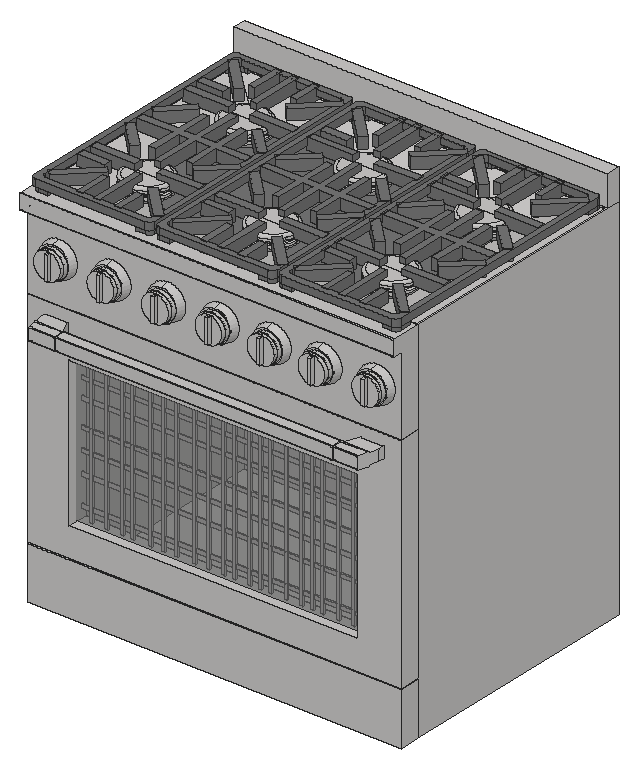
Revit family "HGPR36_Revit", category Specialty Equipment, Revit 2014
Parameters (values of type "HGPR36")
  Width = 35 7/8"
  WOK RING = "1"
  VOLTS (V) = "120 VAC"
  Unit = Stainless Steel
  TYPE OF GRATE = "CONTINUOUS CAST IRON"
  TOTAL NUMBER OF COOKTOP BURNERS = "6 DUAL STACK BRASS BURNERS"
  TEMPERATURE (F/C) = "YES"
  Support = Glass
  STANDARD RACK = "1"
  STAINLESS STEEL BACKGUARD 9” = "APB30G9"
  STAINLESS STEEL BACKGUARD 1 1/2” = "APB30GLP"
  SEALED BURNERS = "YES"
  RIGHT REAR (BTU) = "15,000 STACK DUAL (SIMMER)"
  RIGHT FRONT (BTU) = "18,000 STACK DUAL (SIMMER/SEAR)"
  REMOVABLE NON-STICK SEARING GRILL = "AEGR36"
  REMOVABLE NON-STICK GRIDDLE = "1"
  REMOVABLE CONVECTION FILTER = "1"
  PLUG TYPE = "GROUNDED, DEDICATED,3-PRONG ELECTRICAL OUTLET"
  PERMA-FLAME™ (AUTO RE-IGNITION) = "YES"
  OVEN RACK POSITIONS = "6"
  OVEN CONTROL METHOD = "KNOBS"
  OVEN CAPACITY (CUBIC FEET) = "5.2"
  NUMBER OF KNOBS = "7 KNOBS"
  Model = "HGPR36"
  Manufacturer = "Dacor"
  LIMITED, PARTS AND LABOR = "1 YEAR"
  LIGHTING = "LED & HALOGEN"
  LEFT REAR (BTU) = "15,000 STACK DUAL (SIMMER)"
  LEFT FRONT (BTU) = "18,000 DUAL (SIMMER/SEAR)"
  LED (WHITE) = "YES"
  KEEP WARM = "YES"
  INFRARED CERAMIC BROIL GAS BURNER = "18,000 BTU"
  ILLUMINA™ BURNER KNOBS = "YES"
  Height = 37 1/2"
  Handle = Stainless Steel
  HIGHLIGHTING COLOR = "WHITE"
  HIDDEN STAINLESS STEEL BAKE BURNER = "24,000 BTU"
  Glide = Plastic-Black
  Gas Burner = Stainless Steel
  GLIDERACK™ = "2"
  GAS TYPES = "NATURAL GAS NATURAL GAS (HIGH ALTITUDE) LIQUID PROPANE LIQUID PROPANE (HIGH ALTITUDE)"
  FREQUENCY (HZ) = "60 HZ"
  ENERGY SOURCE = "GAS AND ELECTRICAL"
  Door = Stainless Steel
  Description = "36-INCH PRO ALL -GAS RANGE HERIT AGE COLLECTION"
  Depth = 24"
  COOKING MODES = "CONVECTION BAKE; BAKE; CONVECTION BROIL; BROIL"
  COOKIE SHEETS (SET OF 3) = "ACSRO303"
  CLEANING TYPE = "SELF CLEAN"
  CIRCUIT BREAKER (A) = "15 AMPS"
  CENTER REAR (BTU) = "15,000 STACK DUAL (SIMMER)"
  CENTER FRONT (BTU) = "15,000 STACK DUAL (SIMMER)"
  CAVITY = "BLACK ENAMEL COATING"
  Burner = Plastic-Black
  BROIL/ROASTING PAN W/GRILL & V RACK = "AORPVR"
  BRASS/BLACK PORCELAIN BURNER CAPS = "6/EA"
  BAKING STONE = "ABS16"
  Adjustment = Stainless Steel
Reference planes (in)
  plane 1 "Center (Front/Back)": y = 0
  plane 2: z = 0
  plane 3 "Center (Left/Right)": x = 0
  plane 4: y = 12
  plane 5: y = -12
  plane 6: x = -17.9375
  plane 7: x = 17.9375
  plane 8: z = 37.5
  plane 9: y = -14
  plane 10: z = 2
  plane 11: y = -14.875
  plane 12: y = -16.5
  plane 13: z = 38.5625
  plane 14: z = 36
  plane 15: z = 40.5
  plane 16: y = 10.75
Forms (in)
  Extrusion 1, solid, material "Stainless Steel" <- "Unit"
    sketch origin (0, 0, 0) x (1, 0, 0) y (0, 0, 1)
      loop
        line (-17.9375, 37.5) -> (-17.9375, 2) -> (17.9375, 2) -> (17.9375, 37.5) -> (17.60652, 37.5) -> (17.60652, 2.38848) -> (-17.50287, 2.38848) -> (-17.50287, 37.5) -> (-17.9375, 37.5)
    from -12 to 12
  Extrusion 2, solid, material "Stainless Steel" <- "Door"
    sketch origin (0, 0, 0) x (0, 1, 0) y (0, 0, 1)
      loop
        line (-12, 37.5) -> (-14.84447, 37.5)
        arc (-14.84447, 37.5) -> (-14.86606, 37.49106) -> (-14.875, 37.46947) r 0.03053
        line (-14.875, 37.46947) -> (-14.875, 36.03125)
        arc (-14.875, 36.03125) -> (-14.86585, 36.00915) -> (-14.84375, 36) r 0.03125
        line (-14.84375, 36) -> (-14.03125, 36)
        arc (-14.03125, 36) -> (-14.00915, 35.99085) -> (-14, 35.96875) r 0.03125
        line (-14, 35.96875) -> (-14, 28.5) -> (-12, 28.5) -> (-12, 37.5)
      loop
        line (-14, 1.96852) -> (-12, 1.96852) -> (-12, 6.96852) -> (-14, 6.96852) -> (-14, 1.96852)
    from -17.9375 to 17.9375
  Extrusion 3, solid, material "Glass" <- "Support"
    sketch origin (0, -14, 0) x (1, 0, 0) y (0, 0, 1)
      loop
        line (-13.98004, 24.12749) -> (-13.98004, 9.87749) -> (13.76996, 9.87749) -> (13.76996, 24.12749) -> (-13.98004, 24.12749)
    from -2 to -0.8824
  Revolve 4, solid, material "Plastic-Black" <- "Glide"
    sketch origin (12.625, 0, 0) x (0, 1, 0) y (0, 0, 1)
      loop
        line (-10.25, 2) -> (-10.25, 0.75) -> (-10.14613, 0.64613) -> (-10.14613, 0.08461) -> (-10.09729, 0) -> (-9.53479, 0) -> (-9.53479, 2) -> (-10.25, 2)
      axis (-9.53479, 0) -> (-9.53479, 2)
    angle from 0 to 360
  Revolve 5, solid, material "Plastic-Black" <- "Glide"
    sketch origin (-12.625, 0, 0) x (0, 1, 0) y (0, 0, -1)
      loop
        line (-10.25, -2) -> (-9.53479, -2) -> (-9.53479, 0) -> (-10.09729, 0) -> (-10.14613, -0.08461) -> (-10.14613, -0.64613) -> (-10.25, -0.75) -> (-10.25, -2)
      axis (-9.53479, 0) -> (-9.53479, -2)
    angle from 0 to 360
  Revolve 6, solid, material "Plastic-Black" <- "Glide"
    sketch origin (12.625, 0, 0) x (0, -1, 0) y (0, 0, -1)
      loop
        line (-10.25, -2) -> (-9.53479, -2) -> (-9.53479, 0) -> (-10.09729, 0) -> (-10.14613, -0.08461) -> (-10.14613, -0.64613) -> (-10.25, -0.75) -> (-10.25, -2)
      axis (-9.53479, 0) -> (-9.53479, -2)
    angle from 0 to 360
  Revolve 7, solid, material "Plastic-Black" <- "Glide"
    sketch origin (-12.625, 0, 0) x (0, -1, 0) y (0, 0, 1)
      loop
        line (-10.25, 2) -> (-10.25, 0.75) -> (-10.14613, 0.64613) -> (-10.14613, 0.08461) -> (-10.09729, 0) -> (-9.53479, 0) -> (-9.53479, 2) -> (-10.25, 2)
      axis (-9.53479, 0) -> (-9.53479, 2)
    angle from 0 to 360
  Extrusion 8, solid, material "Stainless Steel" <- "Handle"
    sketch origin (2.625, 0, 0) x (0, 1, 0) y (0, 0, 1)
      loop
        line (-15.545, 27.42187) -> (-16.42433, 27.42187)
        arc (-16.42433, 27.42187) -> (-16.47784, 27.39971) -> (-16.5, 27.34621) r 0.07567
        line (-16.5, 27.34621) -> (-16.5, 26.24876)
        arc (-16.5, 26.24876) -> (-16.47748, 26.1944) -> (-16.42311, 26.17187) r 0.07689
        line (-16.42311, 26.17187) -> (-15.53587, 26.17187)
        arc (-15.53587, 26.17187) -> (-15.50273, 26.17847) -> (-15.47463, 26.19724) r 0.08661
        line (-15.47463, 26.19724) -> (-15.42082, 26.25105)
        arc (-15.42082, 26.25105) -> (-15.40268, 26.26318) -> (-15.38128, 26.26743) r 0.05592
        line (-15.38128, 26.26743) -> (-14, 26.26743) -> (-14, 27.32305) -> (-15.37547, 27.32305)
        arc (-15.37547, 27.32305) -> (-15.39922, 27.32777) -> (-15.41935, 27.34123) r 0.06205
        line (-15.41935, 27.34123) -> (-15.46818, 27.39006)
        arc (-15.46818, 27.39006) -> (-15.50343, 27.41361) -> (-15.545, 27.42187) r 0.10864
    from 10.69711 to 13.56403
  Extrusion 9, void
    sketch origin (0, 0, 0) x (1, 0, 0) y (0, 1, 0)
      loop
        line (15.70099, -16.78043) -> (16.53053, -16.78043) -> (16.53053, -14.125) -> (16.31403, -14) -> (15.70099, -16.78043)
      loop
        line (13.24681, -15.86964) -> (14.05875, -13.95682) -> (13.24681, -13.95682) -> (13.24681, -15.86964)
    from 24.73393 to 28.5
  Extrusion 10, solid, material "Stainless Steel" <- "Handle"
    sketch origin (-2.65625, 0, 0) x (0, 1, 0) y (0, 0, -1)
      loop
        arc (-15.545, -27.42187) -> (-15.50343, -27.41361) -> (-15.46818, -27.39006) r 0.10864
        line (-15.46818, -27.39006) -> (-15.41935, -27.34123)
        arc (-15.41935, -27.34123) -> (-15.39922, -27.32777) -> (-15.37547, -27.32305) r 0.06205
        line (-15.37547, -27.32305) -> (-14, -27.32305) -> (-14, -26.26743) -> (-15.38128, -26.26743)
        arc (-15.38128, -26.26743) -> (-15.40268, -26.26318) -> (-15.42082, -26.25105) r 0.05592
        line (-15.42082, -26.25105) -> (-15.47463, -26.19724)
        arc (-15.47463, -26.19724) -> (-15.50273, -26.17847) -> (-15.53587, -26.17187) r 0.08661
        line (-15.53587, -26.17187) -> (-16.42311, -26.17187)
        arc (-16.42311, -26.17187) -> (-16.47748, -26.1944) -> (-16.5, -26.24876) r 0.07689
        line (-16.5, -26.24876) -> (-16.5, -27.34621)
        arc (-16.5, -27.34621) -> (-16.47784, -27.39971) -> (-16.42433, -27.42187) r 0.07567
        line (-16.42433, -27.42187) -> (-15.545, -27.42187)
    from 10.69711 to 13.56403
  Extrusion 11, void
    sketch origin (0, 0, 0) x (-1, 0, 0) y (0, -1, 0)
      loop
        line (15.70099, 16.78043) -> (16.31403, 14) -> (16.53053, 14.125) -> (16.53053, 16.78043) -> (15.70099, 16.78043)
      loop
        line (13.24681, 15.86964) -> (13.24681, 13.95682) -> (14.05875, 13.95682) -> (13.24681, 15.86964)
    from 24.73393 to 28.5
  Extrusion 12, solid, material "Stainless Steel" <- "Door"
    sketch origin (0, 0, 0) x (1, 0, 0) y (0, 0, 1)
      loop
        line (-17.9375, 28.42187) -> (-17.9375, 7.10914) -> (17.9375, 7.10914) -> (17.9375, 28.42187) -> (-17.9375, 28.42187)
      loop
        line (-13.98004, 24.12749) -> (-13.98004, 9.87749) -> (13.76996, 9.87749) -> (13.76996, 24.12749) -> (-13.98004, 24.12749)
    from 14 to 12
  Extrusion 13, solid, material "Stainless Steel" <- "Handle"
    sketch origin (0, 0, 0) x (0, 1, 0) y (0, 0, 1)
      loop
        line (-15.53529, 27.42185) -> (-16.4254, 27.42185)
        arc (-16.4254, 27.42185) -> (-16.47815, 27.4) -> (-16.5, 27.34725) r 0.0746
        line (-16.5, 27.34725) -> (-16.5, 26.24352)
        arc (-16.5, 26.24352) -> (-16.47902, 26.19288) -> (-16.42838, 26.1719) r 0.07162
        line (-16.42838, 26.1719) -> (-15.53032, 26.1719)
        arc (-15.53032, 26.1719) -> (-15.5023, 26.17747) -> (-15.47855, 26.19334) r 0.07322
        line (-15.47855, 26.19334) -> (-15.42044, 26.25144)
        arc (-15.42044, 26.25144) -> (-15.39975, 26.26442) -> (-15.37547, 26.26711) r 0.05475
        line (-15.37547, 26.26711) -> (-15.1067, 26.44563)
        arc (-15.1067, 26.44563) -> (-14.91091, 26.83314) -> (-15.14353, 27.19973) r 0.43946
        line (-15.14353, 27.19973) -> (-15.37548, 27.32305)
        arc (-15.37548, 27.32305) -> (-15.39899, 27.32755) -> (-15.41892, 27.3408) r 0.06061
        line (-15.41892, 27.3408) -> (-15.47504, 27.3969)
        arc (-15.47504, 27.3969) -> (-15.50268, 27.41536) -> (-15.53529, 27.42185) r 0.08522
    from -13.35336 to 13.32211
  Revolve 14, solid, material "Stainless Steel" <- "Adjustment"
    sketch origin (5.625, 0, -0.625) x (0, 1, 0) y (0, 0, 1)
      loop
        line (-14, 34.82596) -> (-14.75, 34.625) -> (-14.75, 34.48763) -> (-15.13851, 34.48763) -> (-15.13851, 34.42038) -> (-15.47236, 34.42038) -> (-15.47236, 33.12798) -> (-14, 33.12798) -> (-14, 34.82596)
      axis (-15.47236, 33.12798) -> (-14, 33.12798)
    angle from 0 to 360
  Extrusion 15, solid, material "Stainless Steel" <- "Adjustment"
    sketch origin (-9.375, 0, -0.625) x (1, 0, 0) y (0, 0, 1)
      loop
        line (14.85979, 34.29008) -> (14.85979, 31.98689) -> (15.16074, 31.98689) -> (15.16074, 34.29008) -> (14.85979, 34.29008)
    from 15.76036 to 15.47236
  Extrusion 16, solid, material "Stainless Steel" <- "Unit"
    sketch origin (0, 12, 0) x (-1, 0, 0) y (0, 0, 1)
      loop
        line (17.50287, 2.38848) -> (17.50287, 37.5) -> (-17.60652, 37.5) -> (-17.60652, 2.38848) -> (17.50287, 2.38848)
    from 0 to -0.60405
  Blend 17, solid, material "Stainless Steel" <- "Unit"
    base sketch origin (-17.9375, 0, 37.5) x (1, 0, 0) y (0, 1, 0)
      loop
        line (0.43463, -12) -> (35.68463, -12) -> (35.68463, 10.52095) -> (0.43463, 10.52095) -> (0.43463, -12)
    top sketch origin (-17.9375, 0, 37.5) x (1, 0, 0) y (0, 1, 0)
      loop
        line (3.48523, 7.80878) -> (3.48523, -9.19122) -> (30.98523, -9.19122) -> (30.98523, 7.80878) -> (3.48523, 7.80878)
    from 0 to -1.15037
  Blend 18, void
    base sketch origin (-14.9375, 0, 0) x (1, 0, 0) y (0, 1, 0)
      loop
        line (-2.45598, -12) -> (31.79402, -12) -> (31.79402, 10.52095) -> (-2.45598, 10.52095) -> (-2.45598, -12)
    top sketch origin (-14.9375, 0, 0) x (1, 0, 0) y (0, 1, 0)
      loop
        line (1.59462, 7.06965) -> (1.59462, -8.45209) -> (27.84462, -8.45209) -> (27.84462, 7.06965) -> (1.59462, 7.06965)
    from 37.5 to 36.34963
  Extrusion 19, solid, material "Plastic-Black" <- "Burner"
    sketch origin (-17.9375, 0, 36.34963) x (0, 1, 0) y (1, 0, 0)
      loop
        line (7.06965, 30.98523) -> (-8.45209, 30.98523) -> (-8.45209, 4.48523) -> (7.06965, 4.48523) -> (7.06965, 30.98523)
    from 0 to 0.58019
  Revolve 20, solid, material "Stainless Steel" <- "Gas Burner"
    sketch origin (-2.5, -7.375, 0) x (1, 0, 0) y (0, 0, 1)
      loop
        line (-9.25, 35.76944) -> (-9.25, 38.03125) -> (-11.25, 38.03125)
        arc (-11.25, 38.03125) -> (-11.42678, 37.95803) -> (-11.5, 37.78125) r 0.25
        line (-11.5, 37.78125) -> (-11.5, 37.53125) -> (-11.37023, 37.40148)
        arc (-11.37023, 37.40148) -> (-11.35076, 37.35447) -> (-11.37023, 37.30747) r 0.06647
        line (-11.37023, 37.30747) -> (-11.5, 37.1777) -> (-11.5, 36.94183)
        arc (-11.5, 36.94183) -> (-11.44834, 36.78964) -> (-11.3147, 36.70035) r 0.25
        line (-11.3147, 36.70035) -> (-10.77556, 36.55589) -> (-10.3215, 35.76944) -> (-9.25, 35.76944)
      axis (-9.25, 35.76944) -> (-9.25, 38.03125)
    angle from 0 to 360
  Extrusion 21, solid, material "Plastic-Black" <- "Burner"
    sketch origin (0, 0, 0) x (1, 0, 0) y (0, 1, 0)
      loop
        arc (-5.26848, 10.52095) -> (-5.62203, 10.3745) -> (-5.76848, 10.02095) r 0.5
        line (-5.76848, 10.02095) -> (-5.76848, -13.5)
        arc (-5.76848, -13.5) -> (-5.62203, -13.85355) -> (-5.26848, -14) r 0.5
        line (-5.26848, -14) -> (5.125, -14)
        arc (5.125, -14) -> (5.47855, -13.85355) -> (5.625, -13.5) r 0.5
        line (5.625, -13.5) -> (5.625, 10.02095)
        arc (5.625, 10.02095) -> (5.47855, 10.3745) -> (5.125, 10.52095) r 0.5
        line (5.125, 10.52095) -> (-5.26848, 10.52095)
      loop
        arc (-4.74884, 9.96594) -> (-5.10239, 9.81949) -> (-5.24884, 9.46594) r 0.5
        line (-5.24884, 9.46594) -> (-5.24884, -12.90906)
        arc (-5.24884, -12.90906) -> (-5.10239, -13.26262) -> (-4.74884, -13.40906) r 0.5
        line (-4.74884, -13.40906) -> (4.62616, -13.40906)
        arc (4.62616, -13.40906) -> (4.97972, -13.26262) -> (5.12616, -12.90906) r 0.5
        line (5.12616, -12.90906) -> (5.12616, 9.46594)
        arc (5.12616, 9.46594) -> (4.97972, 9.81949) -> (4.62616, 9.96594) r 0.5
        line (4.62616, 9.96594) -> (-4.74884, 9.96594)
      loop
        line (17.01848, 10.52095) -> (6.5, 10.52095)
        arc (6.5, 10.52095) -> (6.14645, 10.3745) -> (6, 10.02095) r 0.5
        line (6, 10.02095) -> (6, -13.5)
        arc (6, -13.5) -> (6.14645, -13.85355) -> (6.5, -14) r 0.5
        line (6.5, -14) -> (17.01848, -14)
        arc (17.01848, -14) -> (17.37203, -13.85355) -> (17.51848, -13.5) r 0.5
        line (17.51848, -13.5) -> (17.51848, 10.02095)
        arc (17.51848, 10.02095) -> (17.37203, 10.3745) -> (17.01848, 10.52095) r 0.5
      loop
        line (16.49884, 9.96594) -> (6.99884, 9.96594)
        arc (6.99884, 9.96594) -> (6.64528, 9.81949) -> (6.49884, 9.46594) r 0.5
        line (6.49884, 9.46594) -> (6.49884, -12.90906)
        arc (6.49884, -12.90906) -> (6.64528, -13.26262) -> (6.99884, -13.40906) r 0.5
        line (6.99884, -13.40906) -> (16.49884, -13.40906)
        arc (16.49884, -13.40906) -> (16.85239, -13.26262) -> (16.99884, -12.90906) r 0.5
        line (16.99884, -12.90906) -> (16.99884, 9.46594)
        arc (16.99884, 9.46594) -> (16.85239, 9.81949) -> (16.49884, 9.96594) r 0.5
      loop
        arc (-17.16196, 10.52095) -> (-17.51551, 10.3745) -> (-17.66196, 10.02095) r 0.5
        line (-17.66196, 10.02095) -> (-17.66196, -13.5)
        arc (-17.66196, -13.5) -> (-17.51551, -13.85355) -> (-17.16196, -14) r 0.5
        line (-17.16196, -14) -> (-6.64348, -14)
        arc (-6.64348, -14) -> (-6.28993, -13.85355) -> (-6.14348, -13.5) r 0.5
        line (-6.14348, -13.5) -> (-6.14348, 10.02095)
        arc (-6.14348, 10.02095) -> (-6.28993, 10.3745) -> (-6.64348, 10.52095) r 0.5
        line (-6.64348, 10.52095) -> (-17.16196, 10.52095)
      loop
        arc (-16.64232, 9.96594) -> (-16.99587, 9.81949) -> (-17.14232, 9.46594) r 0.5
        line (-17.14232, 9.46594) -> (-17.14232, -12.90906)
        arc (-17.14232, -12.90906) -> (-16.99587, -13.26262) -> (-16.64232, -13.40906) r 0.5
        line (-16.64232, -13.40906) -> (-7.14232, -13.40906)
        arc (-7.14232, -13.40906) -> (-6.78876, -13.26262) -> (-6.64232, -12.90906) r 0.5
        line (-6.64232, -12.90906) -> (-6.64232, 9.46594)
        arc (-6.64232, 9.46594) -> (-6.78876, 9.81949) -> (-7.14232, 9.96594) r 0.5
        line (-7.14232, 9.96594) -> (-16.64232, 9.96594)
    from 38.5625 to 37.89555
  Revolve 22, solid, material "Stainless Steel" <- "Gas Burner"
    sketch origin (-2.125, 3.875, 0) x (1, 0, 0) y (0, 0, -1)
      loop
        line (-9.25, -35.76944) -> (-10.3215, -35.76944) -> (-10.77556, -36.55589) -> (-11.3147, -36.70035)
        arc (-11.3147, -36.70035) -> (-11.44834, -36.78964) -> (-11.5, -36.94183) r 0.25
        line (-11.5, -36.94183) -> (-11.5, -37.1777) -> (-11.37023, -37.30747)
        arc (-11.37023, -37.30747) -> (-11.35076, -37.35447) -> (-11.37023, -37.40148) r 0.06647
        line (-11.37023, -37.40148) -> (-11.5, -37.53125) -> (-11.5, -37.78125)
        arc (-11.5, -37.78125) -> (-11.42678, -37.95803) -> (-11.25, -38.03125) r 0.25
        line (-11.25, -38.03125) -> (-9.25, -38.03125) -> (-9.25, -35.76944)
      axis (-9.25, -35.76944) -> (-9.25, -38.03125)
    angle from 0 to 360
  Revolve 23, solid, material "Stainless Steel" <- "Gas Burner"
    sketch origin (2.375, -7.25, 0) x (-1, 0, 0) y (0, 0, -1)
      loop
        line (-9.25, -35.76944) -> (-10.3215, -35.76944) -> (-10.77556, -36.55589) -> (-11.3147, -36.70035)
        arc (-11.3147, -36.70035) -> (-11.44834, -36.78964) -> (-11.5, -36.94183) r 0.25
        line (-11.5, -36.94183) -> (-11.5, -37.1777) -> (-11.37023, -37.30747)
        arc (-11.37023, -37.30747) -> (-11.35076, -37.35447) -> (-11.37023, -37.40148) r 0.06647
        line (-11.37023, -37.40148) -> (-11.5, -37.53125) -> (-11.5, -37.78125)
        arc (-11.5, -37.78125) -> (-11.42678, -37.95803) -> (-11.25, -38.03125) r 0.25
        line (-11.25, -38.03125) -> (-9.25, -38.03125) -> (-9.25, -35.76944)
      axis (-9.25, -35.76944) -> (-9.25, -38.03125)
    angle from 0 to 360
  Revolve 24, solid, material "Stainless Steel" <- "Gas Burner"
    sketch origin (2.25, 3.875, 0) x (-1, 0, 0) y (0, 0, 1)
      loop
        line (-9.25, 35.76944) -> (-9.25, 38.03125) -> (-11.25, 38.03125)
        arc (-11.25, 38.03125) -> (-11.42678, 37.95803) -> (-11.5, 37.78125) r 0.25
        line (-11.5, 37.78125) -> (-11.5, 37.53125) -> (-11.37023, 37.40148)
        arc (-11.37023, 37.40148) -> (-11.35076, 37.35447) -> (-11.37023, 37.30747) r 0.06647
        line (-11.37023, 37.30747) -> (-11.5, 37.1777) -> (-11.5, 36.94183)
        arc (-11.5, 36.94183) -> (-11.44834, 36.78964) -> (-11.3147, 36.70035) r 0.25
        line (-11.3147, 36.70035) -> (-10.77556, 36.55589) -> (-10.3215, 35.76944) -> (-9.25, 35.76944)
      axis (-9.25, 35.76944) -> (-9.25, 38.03125)
    angle from 0 to 360
  Extrusion 25, solid, material "Plastic-Black" <- "Burner"
    sketch origin (0, 0, 0) x (1, 0, 0) y (0, 1, 0)
      loop
        arc (-16.89348, 10.52095) -> (-17.24703, 10.3745) -> (-17.39348, 10.02095) r 0.5
        line (-17.39348, 10.02095) -> (-17.39348, 9.05292) -> (-16.87384, 9.05292) -> (-16.87384, 9.46594)
        arc (-16.87384, 9.46594) -> (-16.72739, 9.81949) -> (-16.37384, 9.96594) r 0.5
        line (-16.37384, 9.96594) -> (-15.98692, 9.96594) -> (-15.98692, 10.52095) -> (-16.89348, 10.52095)
      loop
        line (-16.89348, -13.95845) -> (-15.98692, -13.95845) -> (-15.98692, -13.40344) -> (-16.37384, -13.40344)
        arc (-16.37384, -13.40344) -> (-16.72739, -13.25699) -> (-16.87384, -12.90344) r 0.5
        line (-16.87384, -12.90344) -> (-16.87384, -12.49042) -> (-17.39348, -12.49042) -> (-17.39348, -13.45845)
        arc (-17.39348, -13.45845) -> (-17.24703, -13.812) -> (-16.89348, -13.95845) r 0.5
      loop
        line (-6.64348, 10.52095) -> (-7.55004, 10.52095) -> (-7.55004, 9.96594) -> (-7.16313, 9.96594)
        arc (-7.16313, 9.96594) -> (-6.80957, 9.81949) -> (-6.66313, 9.46594) r 0.5
        line (-6.66313, 9.46594) -> (-6.66313, 9.05292) -> (-6.14348, 9.05292) -> (-6.14348, 10.02095)
        arc (-6.14348, 10.02095) -> (-6.28993, 10.3745) -> (-6.64348, 10.52095) r 0.5
      loop
        arc (-6.64348, -13.95845) -> (-6.28993, -13.812) -> (-6.14348, -13.45845) r 0.5
        line (-6.14348, -13.45845) -> (-6.14348, -12.49042) -> (-6.66313, -12.49042) -> (-6.66313, -12.90344)
        arc (-6.66313, -12.90344) -> (-6.80957, -13.25699) -> (-7.16313, -13.40344) r 0.5
        line (-7.16313, -13.40344) -> (-7.55004, -13.40344) -> (-7.55004, -13.95845) -> (-6.64348, -13.95845)
      loop
        arc (-5.26848, 10.52095) -> (-5.62203, 10.3745) -> (-5.76848, 10.02095) r 0.5
        line (-5.76848, 10.02095) -> (-5.76848, 9.05292) -> (-5.24884, 9.05292) -> (-5.24884, 9.46594)
        arc (-5.24884, 9.46594) -> (-5.10239, 9.81949) -> (-4.74884, 9.96594) r 0.5
        line (-4.74884, 9.96594) -> (-4.36192, 9.96594) -> (-4.36192, 10.52095) -> (-5.26848, 10.52095)
      loop
        line (-5.26848, -13.95845) -> (-4.36192, -13.95845) -> (-4.36192, -13.40344) -> (-4.74884, -13.40344)
        arc (-4.74884, -13.40344) -> (-5.10239, -13.25699) -> (-5.24884, -12.90344) r 0.5
        line (-5.24884, -12.90344) -> (-5.24884, -12.49042) -> (-5.76848, -12.49042) -> (-5.76848, -13.45845)
        arc (-5.76848, -13.45845) -> (-5.62203, -13.812) -> (-5.26848, -13.95845) r 0.5
      loop
        line (5.10652, 10.52095) -> (4.19996, 10.52095) -> (4.19996, 9.96594) -> (4.58687, 9.96594)
        arc (4.58687, 9.96594) -> (4.94043, 9.81949) -> (5.08687, 9.46594) r 0.5
        line (5.08687, 9.46594) -> (5.08687, 9.05292) -> (5.60652, 9.05292) -> (5.60652, 10.02095)
        arc (5.60652, 10.02095) -> (5.46007, 10.3745) -> (5.10652, 10.52095) r 0.5
      loop
        arc (5.10652, -13.95845) -> (5.46007, -13.812) -> (5.60652, -13.45845) r 0.5
        line (5.60652, -13.45845) -> (5.60652, -12.49042) -> (5.08687, -12.49042) -> (5.08687, -12.90344)
        arc (5.08687, -12.90344) -> (4.94043, -13.25699) -> (4.58687, -13.40344) r 0.5
        line (4.58687, -13.40344) -> (4.19996, -13.40344) -> (4.19996, -13.95845) -> (5.10652, -13.95845)
      loop
        arc (6.5, 10.52095) -> (6.14645, 10.3745) -> (6, 10.02095) r 0.5
        line (6, 10.02095) -> (6, 9.05292) -> (6.51964, 9.05292) -> (6.51964, 9.46594)
        arc (6.51964, 9.46594) -> (6.66609, 9.81949) -> (7.01964, 9.96594) r 0.5
        line (7.01964, 9.96594) -> (7.40656, 9.96594) -> (7.40656, 10.52095) -> (6.5, 10.52095)
      loop
        line (6.5, -13.95845) -> (7.40656, -13.95845) -> (7.40656, -13.40344) -> (7.01964, -13.40344)
        arc (7.01964, -13.40344) -> (6.66609, -13.25699) -> (6.51964, -12.90344) r 0.5
        line (6.51964, -12.90344) -> (6.51964, -12.49042) -> (6, -12.49042) -> (6, -13.45845)
        arc (6, -13.45845) -> (6.14645, -13.812) -> (6.5, -13.95845) r 0.5
      loop
        line (17, 10.52095) -> (16.09344, 10.52095) -> (16.09344, 9.96594) -> (16.48036, 9.96594)
        arc (16.48036, 9.96594) -> (16.83391, 9.81949) -> (16.98036, 9.46594) r 0.5
        line (16.98036, 9.46594) -> (16.98036, 9.05292) -> (17.5, 9.05292) -> (17.5, 10.02095)
        arc (17.5, 10.02095) -> (17.35355, 10.3745) -> (17, 10.52095) r 0.5
      loop
        arc (17, -13.95845) -> (17.35355, -13.812) -> (17.5, -13.45845) r 0.5
        line (17.5, -13.45845) -> (17.5, -12.49042) -> (16.98036, -12.49042) -> (16.98036, -12.90344)
        arc (16.98036, -12.90344) -> (16.83391, -13.25699) -> (16.48036, -13.40344) r 0.5
        line (16.48036, -13.40344) -> (16.09344, -13.40344) -> (16.09344, -13.95845) -> (17, -13.95845)
    from 37.89555 to 37.5
  Extrusion 26, solid, material "Plastic-Black" <- "Burner"
    sketch origin (0, 0, 0) x (1, 0, 0) y (0, 1, 0)
      loop
        line (-13.63813, 10.34094) -> (-13.63813, 7.19465) -> (-13.04549, 7.19465) -> (-13.04549, 10.34094) -> (-13.63813, 10.34094)
      loop
        line (-12.01313, 10.34094) -> (-12.01313, 5.31965) -> (-11.42049, 5.31965) -> (-11.42049, 10.34094) -> (-12.01313, 10.34094)
      loop
        line (-10.01313, 10.34094) -> (-10.01313, 7.69595) -> (-9.42049, 7.69595) -> (-9.42049, 10.34094) -> (-10.01313, 10.34094)
      loop
        line (-16.74688, 9.71398) -> (-17.27721, 9.18365) -> (-14.16846, 6.07489) -> (-13.63813, 6.60522) -> (-16.74688, 9.71398)
      loop
        line (-17.14232, 4.42472) -> (-17.14232, 3.65771) -> (-12.75127, 3.65771) -> (-12.75127, 4.42472) -> (-17.14232, 4.42472)
      loop
        line (-6.64232, 4.42472) -> (-10.71471, 4.42472) -> (-10.71471, 3.65771) -> (-6.64232, 3.65771) -> (-6.64232, 4.42472)
      loop
        line (-17.14232, 5.91742) -> (-17.14232, 5.16742) -> (-14.49884, 5.16742) -> (-14.49884, 5.91742) -> (-17.14232, 5.91742)
      loop
        line (-17.14232, -1.26068) -> (-17.14232, -2.01044) -> (-13.63813, -2.01044) -> (-13.63813, -4.7839) -> (-13.04549, -4.7839) -> (-13.04549, -2.01044) -> (-12.01313, -2.01044) -> (-12.01313, -6.1589) -> (-11.42049, -6.1589) -> (-11.42049, -2.01044) -> (-10.01313, -2.01044) -> (-10.01313, -4.7839) -> (-9.42049, -4.7839) -> (-9.42049, -2.01044) -> (-6.64232, -2.01044) -> (-6.64232, -1.26068) -> (-9.42049, -1.26068) -> (-9.42049, 1.63778) -> (-10.01313, 1.63778) -> (-10.01313, -1.26068) -> (-11.42049, -1.26068) -> (-11.42049, 3.01278) -> (-12.01313, 3.01278) -> (-12.01313, -1.26068) -> (-13.04549, -1.26068) -> (-13.04549, 1.63778) -> (-13.63813, 1.63778) -> (-13.63813, -1.26068) -> (-17.14232, -1.26068)
      loop
        line (-6.68674, 9.71398) -> (-9.73299, 6.66772) -> (-9.20266, 6.13739) -> (-6.15641, 9.18365) -> (-6.68674, 9.71398)
      loop
        line (-16.74688, -0.50655) -> (-14.27201, 1.96832) -> (-14.80234, 2.49865) -> (-17.27721, 0.02378) -> (-16.74688, -0.50655)
      loop
        line (-6.68674, -0.50655) -> (-6.15641, 0.02378) -> (-8.63128, 2.49865) -> (-9.16161, 1.96832) -> (-6.68674, -0.50655)
      loop
        line (-13.63813, -13.48706) -> (-13.04549, -13.48706) -> (-13.04549, -10.34077) -> (-13.63813, -10.34077) -> (-13.63813, -13.48706)
      loop
        line (-12.01313, -13.48706) -> (-11.42049, -13.48706) -> (-11.42049, -8.46577) -> (-12.01313, -8.46577) -> (-12.01313, -13.48706)
      loop
        line (-10.01313, -13.48706) -> (-9.42049, -13.48706) -> (-9.42049, -10.84207) -> (-10.01313, -10.84207) -> (-10.01313, -13.48706)
      loop
        line (-16.74688, -12.8601) -> (-13.63813, -9.75135) -> (-14.16846, -9.22102) -> (-17.27721, -12.32977) -> (-16.74688, -12.8601)
      loop
        line (-17.14232, -7.57084) -> (-12.75127, -7.57084) -> (-12.75127, -6.80383) -> (-17.14232, -6.80383) -> (-17.14232, -7.57084)
      loop
        line (-6.64232, -7.57084) -> (-6.64232, -6.80383) -> (-10.71471, -6.80383) -> (-10.71471, -7.57084) -> (-6.64232, -7.57084)
      loop
        line (-17.14232, -9.06354) -> (-14.49884, -9.06354) -> (-14.49884, -8.31354) -> (-17.14232, -8.31354) -> (-17.14232, -9.06354)
      loop
        line (-6.68674, -12.8601) -> (-6.15641, -12.32977) -> (-9.20266, -9.28352) -> (-9.73299, -9.81385) -> (-6.68674, -12.8601)
      loop
        line (-16.74688, -2.63957) -> (-17.27721, -3.1699) -> (-14.80234, -5.64477) -> (-14.27201, -5.11444) -> (-16.74688, -2.63957)
      loop
        line (-6.68674, -2.63957) -> (-9.16161, -5.11444) -> (-8.63128, -5.64477) -> (-6.15641, -3.1699) -> (-6.68674, -2.63957)
      loop
        line (-1.76313, 10.34094) -> (-1.76313, 7.19465) -> (-1.17049, 7.19465) -> (-1.17049, 10.34094) -> (-1.76313, 10.34094)
      loop
        line (-0.13813, 10.34094) -> (-0.13813, 5.31965) -> (0.45451, 5.31965) -> (0.45451, 10.34094) -> (-0.13813, 10.34094)
      loop
        line (1.86187, 10.34094) -> (1.86187, 7.69595) -> (2.45451, 7.69595) -> (2.45451, 10.34094) -> (1.86187, 10.34094)
      loop
        line (-4.87188, 9.71398) -> (-5.40221, 9.18365) -> (-2.29346, 6.07489) -> (-1.76313, 6.60522) -> (-4.87188, 9.71398)
      loop
        line (-5.26732, 4.42472) -> (-5.26732, 3.65771) -> (-0.87627, 3.65771) -> (-0.87627, 4.42472) -> (-5.26732, 4.42472)
      loop
        line (5.23268, 4.42472) -> (1.16029, 4.42472) -> (1.16029, 3.65771) -> (5.23268, 3.65771) -> (5.23268, 4.42472)
      loop
        line (-5.26732, 5.91742) -> (-5.26732, 5.16742) -> (-2.62384, 5.16742) -> (-2.62384, 5.91742) -> (-5.26732, 5.91742)
      loop
        line (-5.26732, -1.26068) -> (-5.26732, -2.01044) -> (-1.76313, -2.01044) -> (-1.76313, -4.7839) -> (-1.17049, -4.7839) -> (-1.17049, -2.01044) -> (-0.13813, -2.01044) -> (-0.13813, -6.1589) -> (0.45451, -6.1589) -> (0.45451, -2.01044) -> (1.86187, -2.01044) -> (1.86187, -4.7839) -> (2.45451, -4.7839) -> (2.45451, -2.01044) -> (5.23268, -2.01044) -> (5.23268, -1.26068) -> (2.45451, -1.26068) -> (2.45451, 1.63778) -> (1.86187, 1.63778) -> (1.86187, -1.26068) -> (0.45451, -1.26068) -> (0.45451, 3.01278) -> (-0.13813, 3.01278) -> (-0.13813, -1.26068) -> (-1.17049, -1.26068) -> (-1.17049, 1.63778) -> (-1.76313, 1.63778) -> (-1.76313, -1.26068) -> (-5.26732, -1.26068)
      loop
        line (5.18826, 9.71398) -> (2.14201, 6.66772) -> (2.67234, 6.13739) -> (5.71859, 9.18365) -> (5.18826, 9.71398)
      loop
        line (-4.87188, -0.50655) -> (-2.39701, 1.96832) -> (-2.92734, 2.49865) -> (-5.40221, 0.02378) -> (-4.87188, -0.50655)
      loop
        line (5.18826, -0.50655) -> (5.71859, 0.02378) -> (3.24372, 2.49865) -> (2.71339, 1.96832) -> (5.18826, -0.50655)
      loop
        line (-1.76313, -13.48706) -> (-1.17049, -13.48706) -> (-1.17049, -10.34077) -> (-1.76313, -10.34077) -> (-1.76313, -13.48706)
      loop
        line (-0.13813, -13.48706) -> (0.45451, -13.48706) -> (0.45451, -8.46577) -> (-0.13813, -8.46577) -> (-0.13813, -13.48706)
      loop
        line (1.86187, -13.48706) -> (2.45451, -13.48706) -> (2.45451, -10.84207) -> (1.86187, -10.84207) -> (1.86187, -13.48706)
      loop
        line (-4.87188, -12.8601) -> (-1.76313, -9.75135) -> (-2.29346, -9.22102) -> (-5.40221, -12.32977) -> (-4.87188, -12.8601)
      loop
        line (-5.26732, -7.57084) -> (-0.87627, -7.57084) -> (-0.87627, -6.80383) -> (-5.26732, -6.80383) -> (-5.26732, -7.57084)
      loop
        line (5.23268, -7.57084) -> (5.23268, -6.80383) -> (1.16029, -6.80383) -> (1.16029, -7.57084) -> (5.23268, -7.57084)
      loop
        line (-5.26732, -9.06354) -> (-2.62384, -9.06354) -> (-2.62384, -8.31354) -> (-5.26732, -8.31354) -> (-5.26732, -9.06354)
      loop
        line (5.18826, -12.8601) -> (5.71859, -12.32977) -> (2.67234, -9.28352) -> (2.14201, -9.81385) -> (5.18826, -12.8601)
      loop
        line (-4.87188, -2.63957) -> (-5.40221, -3.1699) -> (-2.92734, -5.64477) -> (-2.39701, -5.11444) -> (-4.87188, -2.63957)
      loop
        line (5.18826, -2.63957) -> (2.71339, -5.11444) -> (3.24372, -5.64477) -> (5.71859, -3.1699) -> (5.18826, -2.63957)
      loop
        line (9.86071, 10.34094) -> (9.86071, 7.19465) -> (10.45334, 7.19465) -> (10.45334, 10.34094) -> (9.86071, 10.34094)
      loop
        line (11.48571, 10.34094) -> (11.48571, 5.31965) -> (12.07834, 5.31965) -> (12.07834, 10.34094) -> (11.48571, 10.34094)
      loop
        line (13.48571, 10.34094) -> (13.48571, 7.69595) -> (14.07834, 7.69595) -> (14.07834, 10.34094) -> (13.48571, 10.34094)
      loop
        line (6.75195, 9.71398) -> (6.22162, 9.18365) -> (9.33038, 6.07489) -> (9.86071, 6.60522) -> (6.75195, 9.71398)
      loop
        line (6.35652, 4.42472) -> (6.35652, 3.65771) -> (10.74756, 3.65771) -> (10.74756, 4.42472) -> (6.35652, 4.42472)
      loop
        line (16.85652, 4.42472) -> (12.78412, 4.42472) -> (12.78412, 3.65771) -> (16.85652, 3.65771) -> (16.85652, 4.42472)
      loop
        line (6.35652, 5.91742) -> (6.35652, 5.16742) -> (9, 5.16742) -> (9, 5.91742) -> (6.35652, 5.91742)
      loop
        line (6.35652, -1.26068) -> (6.35652, -2.01044) -> (9.86071, -2.01044) -> (9.86071, -4.7839) -> (10.45334, -4.7839) -> (10.45334, -2.01044) -> (11.48571, -2.01044) -> (11.48571, -6.1589) -> (12.07834, -6.1589) -> (12.07834, -2.01044) -> (13.48571, -2.01044) -> (13.48571, -4.7839) -> (14.07834, -4.7839) -> (14.07834, -2.01044) -> (16.85652, -2.01044) -> (16.85652, -1.26068) -> (14.07834, -1.26068) -> (14.07834, 1.63778) -> (13.48571, 1.63778) -> (13.48571, -1.26068) -> (12.07834, -1.26068) -> (12.07834, 3.01278) -> (11.48571, 3.01278) -> (11.48571, -1.26068) -> (10.45334, -1.26068) -> (10.45334, 1.63778) -> (9.86071, 1.63778) -> (9.86071, -1.26068) -> (6.35652, -1.26068)
      loop
        line (16.8121, 9.71398) -> (13.76584, 6.66772) -> (14.29617, 6.13739) -> (17.34243, 9.18365) -> (16.8121, 9.71398)
      loop
        line (6.75195, -0.50655) -> (9.22683, 1.96832) -> (8.6965, 2.49865) -> (6.22162, 0.02378) -> (6.75195, -0.50655)
      loop
        line (16.8121, -0.50655) -> (17.34243, 0.02378) -> (14.86756, 2.49865) -> (14.33723, 1.96832) -> (16.8121, -0.50655)
      loop
        line (9.86071, -13.48706) -> (10.45334, -13.48706) -> (10.45334, -10.34077) -> (9.86071, -10.34077) -> (9.86071, -13.48706)
      loop
        line (11.48571, -13.48706) -> (12.07834, -13.48706) -> (12.07834, -8.46577) -> (11.48571, -8.46577) -> (11.48571, -13.48706)
      loop
        line (13.48571, -13.48706) -> (14.07834, -13.48706) -> (14.07834, -10.84207) -> (13.48571, -10.84207) -> (13.48571, -13.48706)
      loop
        line (6.75195, -12.8601) -> (9.86071, -9.75135) -> (9.33038, -9.22102) -> (6.22162, -12.32977) -> (6.75195, -12.8601)
      loop
        line (6.35652, -7.57084) -> (10.74756, -7.57084) -> (10.74756, -6.80383) -> (6.35652, -6.80383) -> (6.35652, -7.57084)
      loop
        line (16.85652, -7.57084) -> (16.85652, -6.80383) -> (12.78412, -6.80383) -> (12.78412, -7.57084) -> (16.85652, -7.57084)
      loop
        line (6.35652, -9.06354) -> (9, -9.06354) -> (9, -8.31354) -> (6.35652, -8.31354) -> (6.35652, -9.06354)
      loop
        line (16.8121, -12.8601) -> (17.34243, -12.32977) -> (14.29617, -9.28352) -> (13.76584, -9.81385) -> (16.8121, -12.8601)
      loop
        line (6.75195, -2.63957) -> (6.22162, -3.1699) -> (8.6965, -5.64477) -> (9.22683, -5.11444) -> (6.75195, -2.63957)
      loop
        line (16.8121, -2.63957) -> (14.33723, -5.11444) -> (14.86756, -5.64477) -> (17.34243, -3.1699) -> (16.8121, -2.63957)
    from 37.5 to 38.5625
  Extrusion 27, solid, material "Stainless Steel" <- "Adjustment"
    sketch origin (0, 1.40244, -0.08716) x (1, 0, 0) y (0, 0, 1)
      loop
        line (-13.11738, 24.12749) -> (-13.11738, 9.87749) -> (-12.82443, 9.87749) -> (-12.82443, 24.12749) -> (-13.11738, 24.12749)
      loop
        line (-11.61738, 24.12749) -> (-11.61738, 9.87749) -> (-11.32443, 9.87749) -> (-11.32443, 24.12749) -> (-11.61738, 24.12749)
      loop
        line (-10.11738, 24.12749) -> (-10.11738, 9.87749) -> (-9.82443, 9.87749) -> (-9.82443, 24.12749) -> (-10.11738, 24.12749)
      loop
        line (-9.13257, 24.12749) -> (-9.13257, 9.87749) -> (-8.83962, 9.87749) -> (-8.83962, 24.12749) -> (-9.13257, 24.12749)
      loop
        line (-7.38257, 24.12749) -> (-7.38257, 9.87749) -> (-7.08962, 9.87749) -> (-7.08962, 24.12749) -> (-7.38257, 24.12749)
      loop
        line (-6.15813, 24.12749) -> (-6.15813, 9.87749) -> (-5.86518, 9.87749) -> (-5.86518, 24.12749) -> (-6.15813, 24.12749)
      loop
        line (-4.93368, 24.12749) -> (-4.93368, 9.87749) -> (-4.64073, 9.87749) -> (-4.64073, 24.12749) -> (-4.93368, 24.12749)
      loop
        line (-3.18368, 24.12749) -> (-3.18368, 9.87749) -> (-2.89073, 9.87749) -> (-2.89073, 24.12749) -> (-3.18368, 24.12749)
      loop
        line (7.36738, 24.12749) -> (7.07443, 24.12749) -> (7.07443, 9.87749) -> (7.36738, 9.87749) -> (7.36738, 24.12749)
      loop
        line (5.86738, 24.12749) -> (5.57443, 24.12749) -> (5.57443, 9.87749) -> (5.86738, 9.87749) -> (5.86738, 24.12749)
      loop
        line (4.36738, 24.12749) -> (4.07443, 24.12749) -> (4.07443, 9.87749) -> (4.36738, 9.87749) -> (4.36738, 24.12749)
      loop
        line (3.38257, 24.12749) -> (3.08962, 24.12749) -> (3.08962, 9.87749) -> (3.38257, 9.87749) -> (3.38257, 24.12749)
      loop
        line (2.38257, 24.12749) -> (2.08962, 24.12749) -> (2.08962, 9.87749) -> (2.38257, 9.87749) -> (2.38257, 24.12749)
      loop
        line (0.90813, 24.12749) -> (0.61518, 24.12749) -> (0.61518, 9.87749) -> (0.90813, 9.87749) -> (0.90813, 24.12749)
      loop
        line (-0.09187, 24.12749) -> (-0.38482, 24.12749) -> (-0.38482, 9.87749) -> (-0.09187, 9.87749) -> (-0.09187, 24.12749)
      loop
        line (-1.56632, 24.12749) -> (-1.85927, 24.12749) -> (-1.85927, 9.87749) -> (-1.56632, 9.87749) -> (-1.56632, 24.12749)
      loop
        line (12.36738, 24.12749) -> (12.07443, 24.12749) -> (12.07443, 9.87749) -> (12.36738, 9.87749) -> (12.36738, 24.12749)
      loop
        line (10.86738, 24.12749) -> (10.57443, 24.12749) -> (10.57443, 9.87749) -> (10.86738, 9.87749) -> (10.86738, 24.12749)
      loop
        line (9.36738, 24.12749) -> (9.07443, 24.12749) -> (9.07443, 9.87749) -> (9.36738, 9.87749) -> (9.36738, 24.12749)
      loop
        line (8.38257, 24.12749) -> (8.08962, 24.12749) -> (8.08962, 9.87749) -> (8.38257, 9.87749) -> (8.38257, 24.12749)
    from 13.89891 to 14
  Extrusion 28, solid, material "Stainless Steel" <- "Adjustment"
    sketch origin (0, 1.40244, -0.08716) x (1, 0, 0) y (0, 0, 1)
      loop
        line (-13.98004, 22.31591) -> (-13.98004, 21.9338) -> (13.76996, 21.9338) -> (13.76996, 22.31591) -> (-13.98004, 22.31591)
      loop
        line (-13.98004, 20.56591) -> (-13.98004, 20.1838) -> (13.76996, 20.1838) -> (13.76996, 20.56591) -> (-13.98004, 20.56591)
      loop
        line (-13.98004, 18.06591) -> (-13.98004, 17.6838) -> (13.76996, 17.6838) -> (13.76996, 18.06591) -> (-13.98004, 18.06591)
      loop
        line (-13.98004, 16.06591) -> (-13.98004, 15.6838) -> (13.76996, 15.6838) -> (13.76996, 16.06591) -> (-13.98004, 16.06591)
      loop
        line (-13.98004, 14.06591) -> (-13.98004, 13.6838) -> (13.76996, 13.6838) -> (13.76996, 14.06591) -> (-13.98004, 14.06591)
      loop
        line (-13.98004, 11.31591) -> (-13.98004, 10.9338) -> (13.76996, 10.9338) -> (13.76996, 11.31591) -> (-13.98004, 11.31591)
    from 13.89891 to 14
  Extrusion 29, solid, material "Stainless Steel" <- "Unit"
    sketch origin (0, 0, 0) x (0, 1, 0) y (0, 0, 1)
      loop
        line (11.39595, 37.5) -> (10.36575, 37.5) -> (10.36575, 36) -> (11.39595, 36) -> (11.39595, 37.5)
    from -17.50287 to 14.60652
  Extrusion 30, solid, material "Stainless Steel" <- "Unit"
    sketch origin (0, 0, 0) x (0, 1, 0) y (0, 0, 1)
      loop
        line (10.75, 40.5) -> (10.75, 37.5) -> (12, 37.5) -> (12, 40.5) -> (10.75, 40.5)
    from -17.9375 to 17.9375
  Revolve 31, solid, material "Stainless Steel" <- "Adjustment"
    sketch origin (0.625, 0, -0.625) x (0, 1, 0) y (0, 0, 1)
      loop
        line (-14, 34.82596) -> (-14.75, 34.625) -> (-14.75, 34.48763) -> (-15.13851, 34.48763) -> (-15.13851, 34.42038) -> (-15.47236, 34.42038) -> (-15.47236, 33.12798) -> (-14, 33.12798) -> (-14, 34.82596)
      axis (-15.47236, 33.12798) -> (-14, 33.12798)
    angle from 0 to 360
  Extrusion 32, solid, material "Stainless Steel" <- "Adjustment"
    sketch origin (-11.375, 0, -0.625) x (1, 0, 0) y (0, 0, 1)
      loop
        line (11.85979, 34.29008) -> (11.85979, 31.98689) -> (12.16074, 31.98689) -> (12.16074, 34.29008) -> (11.85979, 34.29008)
    from 15.76036 to 15.47236
  Revolve 33, solid, material "Stainless Steel" <- "Adjustment"
    sketch origin (-14.875, 0, -0.625) x (0, 1, 0) y (0, 0, -1)
      loop
        line (-14, -34.82596) -> (-14, -33.12798) -> (-15.47236, -33.12798) -> (-15.47236, -34.42038) -> (-15.13851, -34.42038) -> (-15.13851, -34.48763) -> (-14.75, -34.48763) -> (-14.75, -34.625) -> (-14, -34.82596)
      axis (-15.47236, -33.12798) -> (-14, -33.12798)
    angle from 0 to 360
  Extrusion 34, solid, material "Stainless Steel" <- "Adjustment"
    sketch origin (0.25, 0, -0.625) x (-1, 0, 0) y (0, 0, -1)
      loop
        line (14.85979, -34.29008) -> (15.16074, -34.29008) -> (15.16074, -31.98689) -> (14.85979, -31.98689) -> (14.85979, -34.29008)
    from 15.76036 to 15.47236
  Revolve 35, solid, material "Stainless Steel" <- "Adjustment"
    sketch origin (-9.75, 0, -0.625) x (0, 1, 0) y (0, 0, -1)
      loop
        line (-14, -34.82596) -> (-14, -33.12798) -> (-15.47236, -33.12798) -> (-15.47236, -34.42038) -> (-15.13851, -34.42038) -> (-15.13851, -34.48763) -> (-14.75, -34.48763) -> (-14.75, -34.625) -> (-14, -34.82596)
      axis (-15.47236, -33.12798) -> (-14, -33.12798)
    angle from 0 to 360
  Extrusion 36, solid, material "Stainless Steel" <- "Adjustment"
    sketch origin (2.25, 0, -0.625) x (-1, 0, 0) y (0, 0, -1)
      loop
        line (11.85979, -34.29008) -> (12.16074, -34.29008) -> (12.16074, -31.98689) -> (11.85979, -31.98689) -> (11.85979, -34.29008)
    from 15.76036 to 15.47236
  Revolve 37, solid, material "Stainless Steel" <- "Adjustment"
    sketch origin (-4.5, 0, -0.625) x (0, 1, 0) y (0, 0, -1)
      loop
        line (-14, -34.82596) -> (-14, -33.12798) -> (-15.47236, -33.12798) -> (-15.47236, -34.42038) -> (-15.13851, -34.42038) -> (-15.13851, -34.48763) -> (-14.75, -34.48763) -> (-14.75, -34.625) -> (-14, -34.82596)
      axis (-15.47236, -33.12798) -> (-14, -33.12798)
    angle from 0 to 360
  Extrusion 38, solid, material "Stainless Steel" <- "Adjustment"
    sketch origin (7.5, 0, -0.625) x (-1, 0, 0) y (0, 0, -1)
      loop
        line (11.85979, -34.29008) -> (12.16074, -34.29008) -> (12.16074, -31.98689) -> (11.85979, -31.98689) -> (11.85979, -34.29008)
    from 15.76036 to 15.47236
  Revolve 39, solid, material "Stainless Steel" <- "Gas Burner"
    sketch origin (9.40737, -7.25, 0) x (1, 0, 0) y (0, 0, 1)
      loop
        line (-9.25, 35.76944) -> (-9.25, 38.03125) -> (-11.25, 38.03125)
        arc (-11.25, 38.03125) -> (-11.42678, 37.95803) -> (-11.5, 37.78125) r 0.25
        line (-11.5, 37.78125) -> (-11.5, 37.53125) -> (-11.37023, 37.40148)
        arc (-11.37023, 37.40148) -> (-11.35076, 37.35447) -> (-11.37023, 37.30747) r 0.06647
        line (-11.37023, 37.30747) -> (-11.5, 37.1777) -> (-11.5, 36.94183)
        arc (-11.5, 36.94183) -> (-11.44834, 36.78964) -> (-11.3147, 36.70035) r 0.25
        line (-11.3147, 36.70035) -> (-10.77556, 36.55589) -> (-10.3215, 35.76944) -> (-9.25, 35.76944)
      axis (-9.25, 35.76944) -> (-9.25, 38.03125)
    angle from 0 to 360
  Revolve 40, solid, material "Stainless Steel" <- "Gas Burner"
    sketch origin (9.40737, 3.625, 0) x (1, 0, 0) y (0, 0, -1)
      loop
        line (-9.25, -35.76944) -> (-10.3215, -35.76944) -> (-10.77556, -36.55589) -> (-11.3147, -36.70035)
        arc (-11.3147, -36.70035) -> (-11.44834, -36.78964) -> (-11.5, -36.94183) r 0.25
        line (-11.5, -36.94183) -> (-11.5, -37.1777) -> (-11.37023, -37.30747)
        arc (-11.37023, -37.30747) -> (-11.35076, -37.35447) -> (-11.37023, -37.40148) r 0.06647
        line (-11.37023, -37.40148) -> (-11.5, -37.53125) -> (-11.5, -37.78125)
        arc (-11.5, -37.78125) -> (-11.42678, -37.95803) -> (-11.25, -38.03125) r 0.25
        line (-11.25, -38.03125) -> (-9.25, -38.03125) -> (-9.25, -35.76944)
      axis (-9.25, -35.76944) -> (-9.25, -38.03125)
    angle from 0 to 360
  Revolve 41, solid, material "Stainless Steel" <- "Adjustment"
    sketch origin (15.625, 0, -0.625) x (0, 1, 0) y (0, 0, 1)
      loop
        line (-14, 34.82596) -> (-14.75, 34.625) -> (-14.75, 34.48763) -> (-15.13851, 34.48763) -> (-15.13851, 34.42038) -> (-15.47236, 34.42038) -> (-15.47236, 33.12798) -> (-14, 33.12798) -> (-14, 34.82596)
      axis (-15.47236, 33.12798) -> (-14, 33.12798)
    angle from 0 to 360
  Extrusion 42, solid, material "Stainless Steel" <- "Adjustment"
    sketch origin (0.625, 0, -0.625) x (1, 0, 0) y (0, 0, 1)
      loop
        line (14.85979, 34.29008) -> (14.85979, 31.98689) -> (15.16074, 31.98689) -> (15.16074, 34.29008) -> (14.85979, 34.29008)
    from 15.76036 to 15.47236
  Revolve 43, solid, material "Stainless Steel" <- "Adjustment"
    sketch origin (10.5, 0, -0.625) x (0, 1, 0) y (0, 0, 1)
      loop
        line (-14, 34.82596) -> (-14.75, 34.625) -> (-14.75, 34.48763) -> (-15.13851, 34.48763) -> (-15.13851, 34.42038) -> (-15.47236, 34.42038) -> (-15.47236, 33.12798) -> (-14, 33.12798) -> (-14, 34.82596)
      axis (-15.47236, 33.12798) -> (-14, 33.12798)
    angle from 0 to 360
  Extrusion 44, solid, material "Stainless Steel" <- "Adjustment"
    sketch origin (-1.5, 0, -0.625) x (1, 0, 0) y (0, 0, 1)
      loop
        line (11.85979, 34.29008) -> (11.85979, 31.98689) -> (12.16074, 31.98689) -> (12.16074, 34.29008) -> (11.85979, 34.29008)
    from 15.76036 to 15.47236
Cuts and joins
  Extrusion 9, Extrusion 11 cuts Extrusion 8
  Extrusion 11 cuts Extrusion 2
  Extrusion 11 cuts Extrusion 10
  joined: Extrusion 1, Extrusion 16, Extrusion 29
  Blend 18 cuts Blend 17
Dimensions and locks (in)
  equal spacing: plane 6, plane 3 "Center (Left/Right)", plane 7
  "Width": plane 6 to plane 7
  equal spacing: plane 4, plane 1 "Center (Front/Back)", plane 5
  "Depth": plane 4 to plane 5
  "Height": plane 8 to plane 2
  plane 5 to plane 4 = 24"
  plane 9 to plane 4 = 26"
  plane 11 to plane 4 = 26 7/8"
  plane 12 to plane 4 = 28 1/2"
  locked: plane 13 to plane 8 at 1.0625
  locked: plane 8 to plane 14 at 1.5
  Extrusion 2 sketch curve to Extrusion 2 sketch curve = 9"
  plane 15 to plane 8 = 3"
  plane 16 to plane 4 = 1 1/4"
  aligned and locked: level to plane 2
  aligned and locked: plane 4 to Extrusion 1
  aligned and locked: Extrusion 1 to plane 5
  aligned and locked: Extrusion 2 to plane 6
  aligned and locked: plane 7 to Extrusion 2
  aligned and locked: Extrusion 25 to plane 8
  aligned and locked: Extrusion 25 to Extrusion 21
  aligned and locked: Extrusion 29 to cut or joined group of Extrusion 1, Extrusion 16, Extrusion 29
  aligned and locked: plane 7 to Extrusion 30
Automatic sketch dimensions
  Extrusion 1 sketch curve to plane 6 = 0"
  Extrusion 1 sketch curve to plane 8 = 0"  (x2)
  Extrusion 1 sketch curve to plane 7 = 0"
  Extrusion 1 sketch curve to plane 10 = 0"
  plane 6 to Extrusion 1 sketch curve = 0.43463"
  Extrusion 1 sketch curve to plane 7 = 0.33098"
  plane 10 to Extrusion 1 sketch curve = 0.38848"
  Extrusion 2 sketch curve to plane 11 = 0"
  Extrusion 2 sketch curve to plane 8 = 0"
  Extrusion 2 sketch curve to plane 14 = 0"
  Extrusion 2 sketch curve to plane 9 = 0"  (x2)
  Extrusion 2 sketch curve to plane 5 = 0"  (x2)
  plane 11 to Extrusion 2 sketch curve = 0.03053"
  Extrusion 2 sketch curve to Extrusion 2 sketch curve = 1/32"  (x2)
  plane 10 to Extrusion 2 sketch curve = 4.96852"
  Extrusion 2 sketch curve to plane 10 = 0.03148"
  plane 6 to Extrusion 3 sketch curve = 3.95746"
  Extrusion 3 sketch curve to plane 7 = 4.16754"
  plane 10 to Extrusion 3 sketch curve = 7.87749"
  Extrusion 3 sketch curve to plane 14 = 11.87251"
  Revolve 4 sketch curve to plane 10 = 0"
  Revolve 4 sketch curve to level = 0"
  plane 5 to Revolve 4 sketch curve = 1 3/4"
  level to Revolve 4 sketch curve = 0.64613"
  Revolve 4 sketch curve to Revolve 4 sketch curve = 0.10387"  (x2)
  Revolve 4 sketch curve to Revolve 4 sketch curve = 0.04885"
  Revolve 4 sketch curve to Revolve 4 sketch curve = 0.71521"
  level to Revolve 4 sketch curve = 0.08461"
  Revolve 4 sketch curve to Revolve 4 sketch curve = 0.61135"
  Revolve 4 sketch curve to Revolve 4 sketch curve = 0.35387"
  Revolve 4 sketch curve to plane 10 = 0.38394"
  Revolve 5 sketch curve to plane 10 = 0"
  Revolve 5 sketch curve to level = 0"
  plane 5 to Revolve 5 sketch curve = 1 3/4"
  level to Revolve 5 sketch curve = 0.64613"
  Revolve 5 sketch curve to Revolve 5 sketch curve = 0.10387"  (x2)
  Revolve 5 sketch curve to Revolve 5 sketch curve = 0.04885"
  Revolve 5 sketch curve to Revolve 5 sketch curve = 0.71521"
  level to Revolve 5 sketch curve = 0.08461"
  Revolve 5 sketch curve to Revolve 5 sketch curve = 0.61135"
  Revolve 5 sketch curve to plane 10 = 0.38394"
  Revolve 5 sketch curve to Revolve 5 sketch curve = 0.61606"
  Revolve 6 sketch curve to plane 10 = 0"
  Revolve 6 sketch curve to level = 0"
  plane 16 to Revolve 6 sketch curve = 1/2"
  Revolve 6 sketch curve to Revolve 6 sketch curve = 0.10387"  (x2)
  Revolve 6 sketch curve to Revolve 6 sketch curve = 0.04885"
  Revolve 6 sketch curve to Revolve 6 sketch curve = 0.71521"
  level to Revolve 6 sketch curve = 3/4"
  level to Revolve 6 sketch curve = 0.08461"
  Revolve 6 sketch curve to Revolve 6 sketch curve = 0.61135"
  Revolve 6 sketch curve to plane 10 = 0.38394"
  Revolve 6 sketch curve to Revolve 6 sketch curve = 0.61606"
  Revolve 7 sketch curve to plane 10 = 0"
  Revolve 7 sketch curve to level = 0"
  plane 16 to Revolve 7 sketch curve = 1/2"
  Revolve 7 sketch curve to Revolve 7 sketch curve = 0.10387"  (x2)
  Revolve 7 sketch curve to Revolve 7 sketch curve = 0.04885"
  Revolve 7 sketch curve to Revolve 7 sketch curve = 0.71521"
  level to Revolve 7 sketch curve = 0.08461"
  Revolve 7 sketch curve to Revolve 7 sketch curve = 0.56153"
  Revolve 7 sketch curve to Revolve 7 sketch curve = 0.61135"
  Revolve 7 sketch curve to Revolve 7 sketch curve = 0.35387"
  Revolve 7 sketch curve to plane 10 = 0.38394"
  Extrusion 8 sketch curve to plane 12 = 0"
  Extrusion 8 sketch curve to plane 9 = 0"
  Extrusion 8 sketch curve to Extrusion 8 sketch curve = 0.07567"
  plane 12 to Extrusion 8 sketch curve = 0.07689"
  Extrusion 8 sketch curve to plane 11 = 0.67"
  Extrusion 8 sketch curve to plane 11 = 0.66087"
  Extrusion 8 sketch curve to Extrusion 8 sketch curve = 0.06124"
  Extrusion 8 sketch curve to Extrusion 8 sketch curve = 0.07682"
  Extrusion 8 sketch curve to Extrusion 8 sketch curve = 0.05381"
  Extrusion 8 sketch curve to Extrusion 8 sketch curve = 0.04883"
  Extrusion 8 sketch curve to Extrusion 8 sketch curve = 0.03954"  (x2)
  Extrusion 8 sketch curve to Extrusion 8 sketch curve = 0.04388"
  Extrusion 8 sketch curve to plane 14 = 9 53/64"
  Extrusion 8 sketch curve to Extrusion 8 sketch curve = 0.02537"
  Extrusion 8 sketch curve to Extrusion 8 sketch curve = 0.01427"
  Extrusion 8 sketch curve to Extrusion 8 sketch curve = 1.05476"
  Extrusion 8 sketch curve to Extrusion 8 sketch curve = 0.00981"
  Extrusion 8 sketch curve to Extrusion 8 sketch curve = 0.01818"
  Extrusion 8 sketch curve to Extrusion 8 sketch curve = 0.03297"
  Extrusion 9 sketch curve to plane 9 = 0"
  plane 9 to Extrusion 9 sketch curve = 0.04318"
  Extrusion 9 sketch curve to plane 7 = 4.69069"
  Extrusion 9 sketch curve to Extrusion 9 sketch curve = 0.81194"
  Extrusion 9 sketch curve to plane 12 = 0.28043"
  Extrusion 9 sketch curve to plane 7 = 2.23651"
  Extrusion 9 sketch curve to plane 7 = 1.62347"
  Extrusion 9 sketch curve to plane 9 = 1/8"
  Extrusion 9 sketch curve to Extrusion 9 sketch curve = 0.21651"
  plane 12 to Extrusion 9 sketch curve = 0.63036"
  Extrusion 10 sketch curve to plane 12 = 0"
  Extrusion 10 sketch curve to plane 9 = 0"
  Extrusion 10 sketch curve to Extrusion 10 sketch curve = 0.07567"
  plane 12 to Extrusion 10 sketch curve = 0.07689"
  Extrusion 10 sketch curve to plane 11 = 0.67"
  Extrusion 10 sketch curve to plane 11 = 0.66087"
  Extrusion 10 sketch curve to Extrusion 10 sketch curve = 0.06124"
  Extrusion 10 sketch curve to Extrusion 10 sketch curve = 0.07682"
  Extrusion 10 sketch curve to Extrusion 10 sketch curve = 0.05381"
  Extrusion 10 sketch curve to Extrusion 10 sketch curve = 0.04883"
  Extrusion 10 sketch curve to Extrusion 10 sketch curve = 0.03954"
  Extrusion 10 sketch curve to Extrusion 10 sketch curve = 0.04388"  (x2)
  Extrusion 10 sketch curve to plane 14 = 8 37/64"
  Extrusion 10 sketch curve to Extrusion 10 sketch curve = 0.03182"
  Extrusion 10 sketch curve to Extrusion 10 sketch curve = 0.00495"
  Extrusion 10 sketch curve to Extrusion 10 sketch curve = 1.05562"
  Extrusion 10 sketch curve to Extrusion 10 sketch curve = 0.00895"
  Extrusion 10 sketch curve to Extrusion 10 sketch curve = 0.01638"
  Extrusion 10 sketch curve to Extrusion 10 sketch curve = 0.00972"
  Extrusion 11 sketch curve to plane 9 = 0"
  Extrusion 11 sketch curve to plane 9 = 0.04318"
  Extrusion 11 sketch curve to plane 6 = 4.69069"
  Extrusion 11 sketch curve to Extrusion 11 sketch curve = 0.81194"
  plane 12 to Extrusion 11 sketch curve = 0.28043"
  Extrusion 11 sketch curve to plane 6 = 2.23651"
  Extrusion 11 sketch curve to plane 6 = 1.62347"
  plane 9 to Extrusion 11 sketch curve = 1/8"
  Extrusion 11 sketch curve to Extrusion 11 sketch curve = 0.21651"
  Extrusion 11 sketch curve to plane 12 = 0.63036"
  Extrusion 12 sketch curve to plane 6 = 0"
  Extrusion 12 sketch curve to plane 7 = 0"
  plane 6 to Extrusion 12 sketch curve = 3.95746"
  Extrusion 12 sketch curve to plane 7 = 4.16754"
  plane 10 to Extrusion 12 sketch curve = 5.10914"
  Extrusion 12 sketch curve to Extrusion 12 sketch curve = 2.76834"
  Extrusion 12 sketch curve to plane 14 = 11.87251"
  Extrusion 12 sketch curve to Extrusion 12 sketch curve = 4.29439"
  Extrusion 13 sketch curve to plane 12 = 0"
  plane 12 to Extrusion 13 sketch curve = 0.07162"
  plane 12 to Extrusion 13 sketch curve = 0.0746"
  Extrusion 13 sketch curve to plane 11 = 0.66029"
  Extrusion 13 sketch curve to plane 11 = 0.65532"
  Extrusion 13 sketch curve to Extrusion 13 sketch curve = 0.05177"
  Extrusion 13 sketch curve to Extrusion 13 sketch curve = 0.06025"
  Extrusion 13 sketch curve to Extrusion 13 sketch curve = 0.05811"
  Extrusion 13 sketch curve to Extrusion 13 sketch curve = 0.05611"
  Extrusion 13 sketch curve to Extrusion 13 sketch curve = 0.03871"
  Extrusion 13 sketch curve to Extrusion 13 sketch curve = 0.04285"
  Extrusion 13 sketch curve to Extrusion 13 sketch curve = 0.04345"
  Extrusion 13 sketch curve to Extrusion 13 sketch curve = 0.04496"
